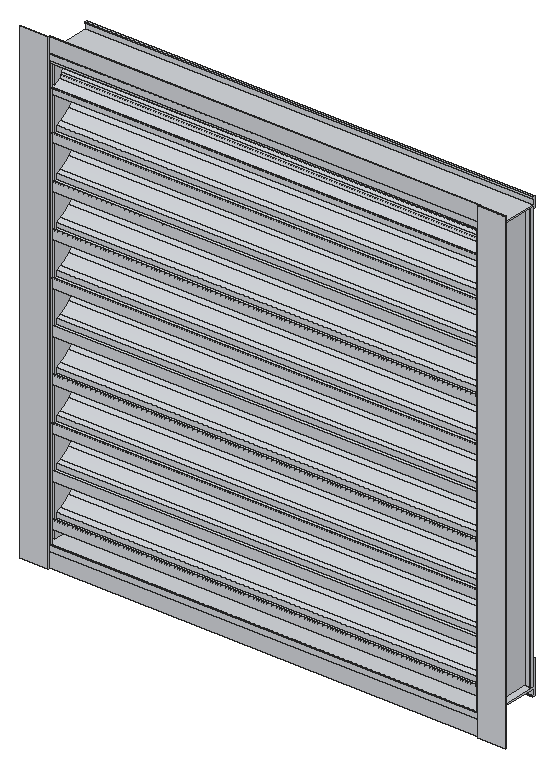
Revit family "BRFL-D-6.1", category Mechanical Equipment, Revit 2015
Parameters
  URL = "https://unitedenertech.com/catalog/pdf/A_24e%20BRFL-D-6.1.pdf"
  Type Comments = "Max. Single Section Size is (60\"w  x  120\"h)"
  Number of Blades [instance] = rounddown((Exact Height - 0' 5") / 0' 4 41/64")  # 9
  Model = "BRFL-D-6.1"
  Manufacturer = "United Enertech Corporation"
  Exact Width = 4' - 0"
  Exact Height = 4' - 0"
  Description = "Blast Resistant 6\" Fixed Louver"
  Depth = 0' - 6.26867"
  Blade Width [instance] = Exact Width - 0' 1 13/16"  # 3' - 10 3/16"
  Blade Spacing = 0' - 4.64"
Reference planes (in)
  plane 1 "Center (Front/Back)": y = 0
  plane 2: z = 0
  plane 3 "Center (Left/Right)": x = 0
  plane 4: x = -24
  plane 5: x = 24
  plane 6: z = 48
  plane 7: z = 0.907
  plane 8: z = 47.093
  plane 9: y = 6.26867
  plane 10: x = -23.094
  plane 11: x = 23.094
  plane 12: z = 44.25995
  plane 13: x = -23
  plane 14: x = 23
  plane 15: x = -26
  plane 16: x = 26
  plane 17: z = 0.22437
  plane 18: z = -1.51763
  plane 19: z = 47.7769
  plane 20: z = 49.5189
Forms (in)
  Extrusion 1, solid
    sketch origin (32.73411, 22.44798, 0) x (1, 0, 0) y (0, 1, 0)
      loop
        line (-56.60911, -16.59898) -> (-56.60911, -16.49198) -> (-55.95311, -16.49198) -> (-55.95311, -21.36398) -> (-56.66611, -21.36398) -> (-56.66611, -21.82298) -> (-56.73411, -21.82298) -> (-56.73411, -21.94798) -> (-56.66611, -21.94798) -> (-56.66611, -22.00898) -> (-56.58511, -22.00898) -> (-56.58511, -21.94798) -> (-56.49711, -21.94798) -> (-56.49711, -22.32298) -> (-56.58511, -22.32298) -> (-56.58511, -22.23198) -> (-56.66611, -22.23198) -> (-56.66611, -22.44798) -> (-55.56511, -22.44798) -> (-55.56511, -22.32298) -> (-55.82811, -22.32298) -> (-55.82811, -22.21598) -> (-55.95311, -22.21598) -> (-55.95311, -22.32298) -> (-56.37211, -22.32298) -> (-56.37211, -21.82298) -> (-56.54111, -21.82298) -> (-56.54111, -21.48898) -> (-55.82811, -21.48898) -> (-55.82811, -16.49198) -> (-55.56511, -16.49198) -> (-55.56511, -16.36698) -> (-56.73411, -16.36698) -> (-56.73411, -16.59898) -> (-56.60911, -16.59898)
    from 0.907 to 47.093
  Extrusion 2, solid
    sketch origin (-32.73411, 22.44798, 0) x (-1, 0, 0) y (0, -1, 0)
      loop
        line (-56.60911, 16.59898) -> (-56.73411, 16.59898) -> (-56.73411, 16.36698) -> (-55.56511, 16.36698) -> (-55.56511, 16.49198) -> (-55.82811, 16.49198) -> (-55.82811, 21.48898) -> (-56.54111, 21.48898) -> (-56.54111, 21.82298) -> (-56.37211, 21.82298) -> (-56.37211, 22.32298) -> (-55.95311, 22.32298) -> (-55.95311, 22.21598) -> (-55.82811, 22.21598) -> (-55.82811, 22.32298) -> (-55.56511, 22.32298) -> (-55.56511, 22.44798) -> (-56.66611, 22.44798) -> (-56.66611, 22.23198) -> (-56.58511, 22.23198) -> (-56.58511, 22.32298) -> (-56.49711, 22.32298) -> (-56.49711, 21.94798) -> (-56.58511, 21.94798) -> (-56.58511, 22.00898) -> (-56.66611, 22.00898) -> (-56.66611, 21.94798) -> (-56.73411, 21.94798) -> (-56.73411, 21.82298) -> (-56.66611, 21.82298) -> (-56.66611, 21.36398) -> (-55.95311, 21.36398) -> (-55.95311, 16.49198) -> (-56.60911, 16.49198) -> (-56.60911, 16.59898)
    from 0.907 to 47.093
  Extrusion 3, solid
    sketch origin (-10.45021, 50.73378, 8.99276) x (0, 1, 0) y (0, 0, 1)
      loop
        line (-44.46511, -5.28576) -> (-44.59011, -5.28576) -> (-44.59011, -8.08576) -> (-50.73378, -8.08576) -> (-50.73378, -8.21076) -> (-50.67111, -8.21076) -> (-50.67111, -8.92376) -> (-50.45511, -8.92376) -> (-50.45511, -8.84276) -> (-50.56811, -8.84276) -> (-50.56811, -8.75476) -> (-50.17111, -8.75476) -> (-50.17111, -8.84276) -> (-50.23211, -8.84276) -> (-50.23211, -8.92376) -> (-50.17111, -8.92376) -> (-50.17111, -8.99276) -> (-50.09011, -8.99276) -> (-50.09011, -8.62976) -> (-50.56811, -8.62976) -> (-50.56811, -8.21076) -> (-44.59011, -8.21076) -> (-44.59011, -8.86776) -> (-44.69711, -8.86776) -> (-44.69711, -8.99276) -> (-44.46511, -8.99276) -> (-44.46511, -5.28576)
    from -13.54979 to 34.45021
  Extrusion 4, solid
    sketch origin (-12.41983, 50.73378, 47.84535) x (0, 1, 0) y (0, 0, 1)
      loop
        line (-50.17111, 0.15465) -> (-50.17111, 0.08565) -> (-50.23211, 0.08565) -> (-50.23211, 0.00465) -> (-50.17111, 0.00465) -> (-50.17111, -0.08335) -> (-50.56811, -0.08335) -> (-50.56811, 0.00465) -> (-50.45511, 0.00465) -> (-50.45511, 0.08565) -> (-50.67111, 0.08565) -> (-50.67111, -0.62735) -> (-50.73378, -0.62735) -> (-50.73378, -0.75235) -> (-44.59011, -0.75235) -> (-44.59011, -1.00235) -> (-44.46511, -1.00235) -> (-44.46511, 0.15465) -> (-44.69711, 0.15465) -> (-44.69711, 0.02965) -> (-44.59011, 0.02965) -> (-44.59011, -0.62735) -> (-50.56811, -0.62735) -> (-50.56811, -0.20835) -> (-50.09011, -0.20835) -> (-50.09011, 0.15465) -> (-50.17111, 0.15465)
    from -11.58017 to 36.41983
  Extrusion 5, solid
    sketch origin (0, 5.28547, 3.25) x (0, 1, 0) y (0, 0, 1)
      loop
        line (-1.58143, 43.843) -> (-1.58143, 43.72355) -> (-1.41724, 43.72355) -> (-2.60827, 42.47474) -> (-3.29555, 42.35682)
        arc (-3.29555, 42.35682) -> (-3.46747, 42.27918) -> (-3.57984, 42.12767) r 0.375
        line (-3.57984, 42.12767) -> (-3.78685, 41.61517) -> (-5.07947, 40.97326) -> (-5.07947, 41.30498) -> (-4.94145, 41.17777) -> (-4.88656, 41.23733) -> (-5.16047, 41.48979) -> (-5.16047, 40.79347) -> (-3.68979, 41.52171) -> (-3.54519, 41.8797)
        arc (-3.54519, 41.8797) -> (-3.29194, 41.66167) -> (-2.97773, 41.77546) r 0.331
        line (-2.97773, 41.77546) -> (-3.03999, 41.82728)
        arc (-3.03999, 41.82728) -> (-3.47787, 42.03322) -> (-2.99515, 42.06682) r 0.25
        line (-2.99515, 42.06682) -> (-2.91836, 42.09261)
        arc (-2.91836, 42.09261) -> (-2.97373, 42.19407) -> (-3.0606, 42.2703) r 0.331
        line (-3.0606, 42.2703) -> (-2.54636, 42.35853) -> (-1.13059, 43.843) -> (-1.58143, 43.843)
    from -23.094 to 23.094
  Extrusion 6, solid
    sketch origin (-33.80808, 16.1153, 6.09367) x (0, 1, 0) y (0, 0, 1)
      loop
        line (-15.97208, -7.6113) -> (-15.97208, -6.1343) -> (-15.56808, -6.1343) -> (-15.56808, -6.0393) -> (-15.62408, -6.0393) -> (-15.62408, -5.9373) -> (-15.56308, -5.9373) -> (-15.56308, -5.8693) -> (-15.87508, -5.8693) -> (-15.87508, -5.9373) -> (-15.82713, -5.9373) -> (-15.82713, -6.0283) -> (-16.05308, -6.0283) -> (-16.05308, -7.6113) -> (-15.97208, -7.6113)
    from 10.80808 to 56.80808
  Extrusion 7, solid
    sketch origin (-33.80808, 16.1153, 41.9076) x (0, 1, 0) y (0, 0, 1)
      loop
        line (-15.97208, 7.6113) -> (-16.05308, 7.6113) -> (-16.05308, 6.0283) -> (-15.82713, 6.0283) -> (-15.82713, 5.9373) -> (-15.87508, 5.9373) -> (-15.87508, 5.8693) -> (-15.56308, 5.8693) -> (-15.56308, 5.9373) -> (-15.62408, 5.9373) -> (-15.62408, 6.0393) -> (-15.56808, 6.0393) -> (-15.56808, 6.1343) -> (-15.97208, 6.1343) -> (-15.97208, 7.6113)
    from 10.80808 to 56.80808
  Extrusion 8, solid
    sketch origin (0, 0, 0) x (1, 0, 0) y (0, 1, 0)
      loop
        line (-23, 0) -> (-26, 0) -> (-26, -0.09) -> (-23, -0.09) -> (-23, 0)
    from -1.51763 to 49.5189
  Extrusion 9, solid
    sketch origin (0, 0, 0) x (-1, 0, 0) y (0, -1, 0)
      loop
        line (-23, 0) -> (-23, 0.09) -> (-26, 0.09) -> (-26, 0) -> (-23, 0)
    from -1.51763 to 49.5189
Dimensions and locks (in)
  equal spacing: plane 4, plane 3 "Center (Left/Right)", plane 5
  "Exact Width": plane 4 to plane 5
  "Exact Height": plane 6 to level
  locked: plane 7 to level at 0.907
  locked: plane 6 to plane 8 at 0.907
  "Depth": plane 1 "Center (Front/Back)" to plane 9
  locked: plane 4 to plane 10 at 0.906
  locked: plane 11 to plane 5 at 0.906
  locked: plane 6 to plane 12 at 3.74005
  equal spacing: group 1, group 2, group 3, group 4, group 5, group 6, group 7, group 8, group 9  (x2)
  equal spacing: group 9, group 8, group 7, group 6, group 5, group 4, group 3, group 2, group 1
  "Blade Spacing": nested 1 to nested 2
  locked: plane 4 to plane 13 at 1
  locked: plane 14 to plane 5 at 1
  locked: plane 15 to plane 4 at 2
  locked: plane 5 to plane 16 at 2
  locked: plane 17 to level at 0.22437
  locked: level to plane 18 at 1.51763
  locked: plane 6 to plane 19 at 0.2231
  locked: plane 20 to plane 6 at 1.5189
  aligned and locked: level to plane 2
  aligned and locked: Extrusion 1 to plane 4
  aligned and locked: plane 5 to Extrusion 2
  aligned and locked: Extrusion 3 to level
  aligned and locked: level to Extrusion 3
  aligned and locked: Extrusion 1 to Extrusion 3
  aligned and locked: Extrusion 2 to Extrusion 1
  aligned and locked: Extrusion 3 to plane 4
  aligned and locked: plane 5 to Extrusion 3
  aligned and locked: plane 6 to Extrusion 4  (x2)
  aligned and locked: plane 8 to Extrusion 1
  aligned and locked: plane 8 to Extrusion 2
  aligned and locked: Extrusion 4 to plane 4
  aligned and locked: plane 5 to Extrusion 4
  aligned and locked: Extrusion 1 to Extrusion 4
  aligned and locked: Extrusion 2 to Extrusion 4
  aligned and locked: Extrusion 4 to Extrusion 1
  aligned and locked: plane 8 to Extrusion 5
  aligned and locked: Extrusion 5 to plane 10
  aligned and locked: Extrusion 5 to plane 11
  aligned and locked: plane 3 "Center (Left/Right)" to nested 1
  aligned and locked: plane 12 to nested 1
  aligned and locked: nested 2 to nested 1
  aligned and locked: plane 13 to Extrusion 6
  aligned and locked: plane 14 to Extrusion 6
  aligned and locked: Extrusion 7 to plane 19
  aligned and locked: plane 13 to Extrusion 7
  aligned and locked: plane 14 to Extrusion 7
  aligned and locked: Extrusion 8 sketch curve to plane 13
  aligned and locked: plane 15 to Extrusion 8 sketch curve
  aligned and locked: Extrusion 9 to plane 14
  aligned and locked: plane 16 to Extrusion 9
  aligned and locked: plane 20 to Extrusion 8
  aligned and locked: plane 20 to Extrusion 9
  aligned and locked: Extrusion 9 to plane 18
  aligned and locked: Extrusion 8 to plane 18
Automatic sketch dimensions
  Extrusion 1 sketch curve to plane 4 = 0' - 0"  (x2)
  plane 1 "Center (Front/Back)" to Extrusion 1 sketch curve = 0' - 0"
  Extrusion 1 sketch curve to plane 10 = 0' - 0"  (x2)
  plane 4 to Extrusion 1 sketch curve = 0' - 0.068"  (x2)
  Extrusion 1 sketch curve to Extrusion 1 sketch curve = 0' - 0.068"
  plane 4 to Extrusion 1 sketch curve = 0' - 0 1/8"
  Extrusion 1 sketch curve to Extrusion 1 sketch curve = 0' - 0.081"  (x2)
  Extrusion 1 sketch curve to Extrusion 1 sketch curve = 0' - 0 1/8"  (x6)
  Extrusion 1 sketch curve to Extrusion 1 sketch curve = 0' - 0.088"
  Extrusion 1 sketch curve to plane 10 = 0' - 0 1/8"  (x2)
  Extrusion 1 sketch curve to plane 13 = 0' - 0.169"  (x2)
  Extrusion 1 sketch curve to plane 1 "Center (Front/Back)" = 0' - 0 1/8"  (x3)
  Extrusion 1 sketch curve to Extrusion 1 sketch curve = 0' - 0.091"
  Extrusion 1 sketch curve to Extrusion 1 sketch curve = 0' - 0.107"
  Extrusion 1 sketch curve to Extrusion 1 sketch curve = 0' - 0.223"
  Extrusion 1 sketch curve to Extrusion 1 sketch curve = 0' - 0.061"  (x2)
  Extrusion 1 sketch curve to Extrusion 1 sketch curve = 0' - 0.334"
  Extrusion 1 sketch curve to plane 9 = 0' - 0.41967"
  Extrusion 1 sketch curve to plane 9 = 0' - 0.31267"
  Extrusion 1 sketch curve to Extrusion 1 sketch curve = 0' - 0"
  Extrusion 2 sketch curve to plane 5 = 0' - 0"  (x2)
  plane 1 "Center (Front/Back)" to Extrusion 2 sketch curve = 0' - 0"
  Extrusion 2 sketch curve to plane 11 = 0' - 0"  (x2)
  plane 5 to Extrusion 2 sketch curve = 0' - 0.068"  (x3)
  plane 5 to Extrusion 2 sketch curve = 0' - 0 1/8"
  Extrusion 2 sketch curve to Extrusion 2 sketch curve = 0' - 0.081"  (x2)
  Extrusion 2 sketch curve to Extrusion 2 sketch curve = 0' - 0 1/8"  (x7)
  Extrusion 2 sketch curve to Extrusion 2 sketch curve = 0' - 0.088"
  plane 11 to Extrusion 2 sketch curve = 0' - 0 1/8"
  plane 14 to Extrusion 2 sketch curve = 0' - 0.169"  (x2)
  plane 1 "Center (Front/Back)" to Extrusion 2 sketch curve = 0' - 0 1/8"  (x3)
  Extrusion 2 sketch curve to Extrusion 2 sketch curve = 0' - 0.091"
  Extrusion 2 sketch curve to Extrusion 2 sketch curve = 0' - 0.107"
  Extrusion 2 sketch curve to Extrusion 2 sketch curve = 0' - 0.223"
  Extrusion 2 sketch curve to Extrusion 2 sketch curve = 0' - 0.061"  (x2)
  Extrusion 2 sketch curve to Extrusion 2 sketch curve = 0' - 0.334"
  plane 9 to Extrusion 2 sketch curve = 0' - 0.41967"
  plane 9 to Extrusion 2 sketch curve = 0' - 0.31267"
  Extrusion 2 sketch curve to Extrusion 2 sketch curve = 0' - 0"
  Extrusion 3 sketch curve to plane 1 "Center (Front/Back)" = 0' - 0"
  Extrusion 3 sketch curve to level = 0' - 0"  (x2)
  plane 7 to Extrusion 3 sketch curve = 0' - 0"
  Extrusion 3 sketch curve to plane 9 = 0' - 0"
  Extrusion 3 sketch curve to plane 1 "Center (Front/Back)" = 0' - 0.06267"
  Extrusion 3 sketch curve to plane 1 "Center (Front/Back)" = 0' - 0.16567"
  Extrusion 3 sketch curve to Extrusion 3 sketch curve = 0' - 0.103"
  Extrusion 3 sketch curve to Extrusion 3 sketch curve = 0' - 0.113"
  level to Extrusion 3 sketch curve = 0' - 0.069"  (x2)
  Extrusion 3 sketch curve to Extrusion 3 sketch curve = 0' - 0.223"
  Extrusion 3 sketch curve to Extrusion 3 sketch curve = 0' - 0.061"  (x2)
  Extrusion 3 sketch curve to Extrusion 3 sketch curve = 0' - 0.081"
  Extrusion 3 sketch curve to plane 9 = 0' - 0.232"
  Extrusion 3 sketch curve to plane 9 = 0' - 0 1/8"  (x2)
  Extrusion 3 sketch curve to plane 17 = 0' - 0.09937"
  Extrusion 3 sketch curve to plane 17 = 0' - 0.07437"  (x2)
  plane 17 to Extrusion 3 sketch curve = 0' - 0.01363"
  plane 17 to Extrusion 3 sketch curve = 0' - 0.13863"
  Extrusion 3 sketch curve to plane 7 = 0' - 0 1/8"
  Extrusion 3 sketch curve to Extrusion 3 sketch curve = 0' - 0"
  Extrusion 3 sketch curve to Extrusion 3 sketch curve = 0' - 2.8"
  Extrusion 4 sketch curve to plane 1 "Center (Front/Back)" = 0' - 0"
  Extrusion 4 sketch curve to plane 6 = 0' - 0"  (x2)
  plane 8 to Extrusion 4 sketch curve = 0' - 0"
  Extrusion 4 sketch curve to plane 9 = 0' - 0"
  Extrusion 4 sketch curve to Extrusion 4 sketch curve = 0' - 0.06267"
  Extrusion 4 sketch curve to Extrusion 4 sketch curve = 0' - 0.103"  (x2)
  Extrusion 4 sketch curve to Extrusion 4 sketch curve = 0' - 0.113"
  plane 19 to Extrusion 4 sketch curve = 0' - 0.0731"  (x2)
  Extrusion 4 sketch curve to Extrusion 4 sketch curve = 0' - 0.223"
  Extrusion 4 sketch curve to Extrusion 4 sketch curve = 0' - 0.061"  (x2)
  Extrusion 4 sketch curve to Extrusion 4 sketch curve = 0' - 0.081"
  plane 19 to Extrusion 4 sketch curve = 0' - 0.0981"
  Extrusion 4 sketch curve to plane 9 = 0' - 0.232"
  Extrusion 4 sketch curve to plane 9 = 0' - 0 1/8"
  Extrusion 4 sketch curve to Extrusion 4 sketch curve = 0' - 0.107"
  Extrusion 4 sketch curve to plane 8 = 0' - 0 1/4"
  Extrusion 4 sketch curve to Extrusion 4 sketch curve = 0' - 0 1/8"
  Extrusion 4 sketch curve to Extrusion 4 sketch curve = 0' - 0"
  Extrusion 4 sketch curve to plane 19 = 0' - 0.1399"
  Extrusion 4 sketch curve to plane 19 = 0' - 0.0149"
  Extrusion 4 sketch curve to plane 6 = 0' - 0.069"  (x2)
  Extrusion 5 sketch curve to Extrusion 5 sketch curve = 0' - 0"  (x12)
  Extrusion 5 sketch curve to plane 8 = 0' - 0"
  Extrusion 5 sketch curve to plane 1 "Center (Front/Back)" = 0' - 0 1/8"
  Extrusion 5 sketch curve to plane 12 = 0' - 0.03669"
  Extrusion 5 sketch curve to Extrusion 5 sketch curve = 0' - 0.081"
  Extrusion 5 sketch curve to Extrusion 5 sketch curve = 0' - 0.13801"
  plane 12 to Extrusion 5 sketch curve = 0' - 0.22738"
  Extrusion 5 sketch curve to Extrusion 5 sketch curve = 0' - 0.0549"
  plane 12 to Extrusion 5 sketch curve = 0' - 0.60522"
  Extrusion 5 sketch curve to Extrusion 5 sketch curve = 0' - 1.09971"
  plane 12 to Extrusion 5 sketch curve = 0' - 0.51176"
  Extrusion 5 sketch curve to Extrusion 5 sketch curve = 0' - 0.09706"
  Extrusion 5 sketch curve to Extrusion 5 sketch curve = 0' - 0.20701"
  plane 12 to Extrusion 5 sketch curve = 0' - 0.86975"
  Extrusion 5 sketch curve to Extrusion 5 sketch curve = 0' - 0.03465"
  plane 12 to Extrusion 5 sketch curve = 0' - 1.34686"
  Extrusion 5 sketch curve to Extrusion 5 sketch curve = 0' - 0.28429"
  Extrusion 5 sketch curve to Extrusion 5 sketch curve = 0' - 0.31305"
  Extrusion 5 sketch curve to Extrusion 5 sketch curve = 0' - 0.23495"
  plane 12 to Extrusion 5 sketch curve = 0' - 0.81733"
  Extrusion 5 sketch curve to Extrusion 5 sketch curve = 0' - 0.19215"
  plane 12 to Extrusion 5 sketch curve = 0' - 1.05686"
  Extrusion 5 sketch curve to Extrusion 5 sketch curve = 0' - 0.06545"
  plane 12 to Extrusion 5 sketch curve = 0' - 0.76551"
  plane 12 to Extrusion 5 sketch curve = 0' - 1.08265"
  Extrusion 5 sketch curve to Extrusion 5 sketch curve = 0' - 0.07678"
  Extrusion 5 sketch curve to Extrusion 5 sketch curve = 0' - 0.3101"
  plane 12 to Extrusion 5 sketch curve = 0' - 1.34858"
  Extrusion 5 sketch curve to Extrusion 5 sketch curve = 0' - 0.06191"
  Extrusion 5 sketch curve to plane 8 = 0' - 0.11945"
  Extrusion 5 sketch curve to Extrusion 5 sketch curve = 0' - 1.02684"
  Extrusion 5 sketch curve to Extrusion 5 sketch curve = 0' - 0.16418"
  Extrusion 5 sketch curve to Extrusion 5 sketch curve = 0' - 0.28666"
  Extrusion 5 sketch curve to Extrusion 5 sketch curve = 0' - 0.17979"
  Extrusion 5 sketch curve to Extrusion 5 sketch curve = 0' - 0.05956"
  Extrusion 5 sketch curve to Extrusion 5 sketch curve = 0' - 0.1162"
  Extrusion 6 sketch curve to plane 18 = 0' - 0"
  Extrusion 6 sketch curve to plane 17 = 0' - 0"
  Extrusion 6 sketch curve to plane 1 "Center (Front/Back)" = 0' - 0.06222"
  Extrusion 6 sketch curve to level = 0' - 0.04063"
  Extrusion 6 sketch curve to Extrusion 6 sketch curve = 0' - 0.081"
  Extrusion 6 sketch curve to Extrusion 6 sketch curve = 0' - 0.178"
  Extrusion 6 sketch curve to Extrusion 6 sketch curve = 0' - 0.04795"
  Extrusion 6 sketch curve to plane 17 = 0' - 0.068"  (x2)
  Extrusion 6 sketch curve to Extrusion 6 sketch curve = 0' - 0.20305"
  Extrusion 6 sketch curve to Extrusion 6 sketch curve = 0' - 0.056"
  Extrusion 6 sketch curve to Extrusion 6 sketch curve = 0' - 0.061"
  level to Extrusion 6 sketch curve = 0' - 0.05437"
  level to Extrusion 6 sketch curve = 0' - 0.06537"
  Extrusion 7 sketch curve to plane 20 = 0' - 0"
  Extrusion 7 sketch curve to plane 19 = 0' - 0"
  Extrusion 7 sketch curve to plane 1 "Center (Front/Back)" = 0' - 0.06222"
  plane 6 to Extrusion 7 sketch curve = 0' - 0.0419"
  Extrusion 7 sketch curve to Extrusion 7 sketch curve = 0' - 0.081"
  Extrusion 7 sketch curve to Extrusion 7 sketch curve = 0' - 0.178"
  Extrusion 7 sketch curve to Extrusion 7 sketch curve = 0' - 0.04795"
  plane 19 to Extrusion 7 sketch curve = 0' - 0.068"  (x2)
  Extrusion 7 sketch curve to Extrusion 7 sketch curve = 0' - 0.20305"
  Extrusion 7 sketch curve to Extrusion 7 sketch curve = 0' - 0.056"
  Extrusion 7 sketch curve to Extrusion 7 sketch curve = 0' - 0.061"
  Extrusion 7 sketch curve to plane 6 = 0' - 0.0641"
  Extrusion 7 sketch curve to plane 6 = 0' - 0.0531"
  plane 1 "Center (Front/Back)" to Extrusion 8 sketch curve = 0' - 0"
  plane 1 "Center (Front/Back)" to Extrusion 8 sketch curve = 0' - 0.09"
  plane 1 "Center (Front/Back)" to Extrusion 9 sketch curve = 0' - 0"
  Extrusion 9 sketch curve to plane 16 = 0' - 0"
  Extrusion 9 sketch curve to plane 14 = 0' - 0"
  Extrusion 9 sketch curve to plane 1 "Center (Front/Back)" = 0' - 0.09"
Nested families (in)
  nested 1: "Blades" at (0, 6.55098, 38.56577), type "Blades"
    with BW 3' - 10 3/16"
  nested 2: "Blades" at (0, 6.55098, 33.92577), type "Blades"
    with BW 3' - 10 3/16"
  nested 3: "Blades" at (0, 6.55098, 29.28577), type "Blades"
    with BW 3' - 10 3/16"
  nested 4: "Blades" at (0, 6.55098, 24.64577), type "Blades"
    with BW 3' - 10 3/16"
  nested 5: "Blades" at (0, 6.55098, 20.00577), type "Blades"
    with BW 3' - 10 3/16"
  nested 6: "Blades" at (0, 6.55098, 15.36577), type "Blades"
    with BW 3' - 10 3/16"
  nested 7: "Blades" at (0, 6.55098, 10.72577), type "Blades"
    with BW 3' - 10 3/16"
  nested 8: "Blades" at (0, 6.55098, 6.08577), type "Blades"
    with BW 3' - 10 3/16"
  nested 9: "Blades" at (0, 6.55098, 1.44577), type "Blades"
    with BW 3' - 10 3/16"
Definition of nested family "Blades"
  Parameters (values of type "Blades")
    BW = 2' - 0"
  Reference planes (in)
    plane 1 "Center (Front/Back)": y = 0
    plane 2: z = 0
    plane 3 "Center (Left/Right)": x = 0
    plane 4: x = -12
    plane 5: x = 12
  Forms (in)
    Extrusion 1, solid
      sketch origin (0, 0, 0) x (0, 1, 0) y (0, 0, 1)
        loop
          line (-0.80366, 5.60309) -> (-0.76358, 5.60309) -> (-0.76358, 4.63219) -> (-1.21034, 4.63219) -> (-2.24496, 4.14863) -> (-2.65647, 4.14863) -> (-2.65647, 4.06763) -> (-2.41827, 4.06763) -> (-3.1059, 3.74626) -> (-3.84623, 3.00593)
          arc (-3.84623, 3.00593) -> (-4.37307, 2.56367) -> (-4.96854, 2.21935) r 3.956
          line (-4.96854, 2.21935) -> (-5.44709, 1.99569) -> (-5.44709, 1.43319) -> (-6.34498, 1.01354) -> (-6.34498, 1.69342) -> (-6.183, 1.53144) -> (-6.12572, 1.58872) -> (-6.42598, 1.88897) -> (-6.42598, 0.83771) -> (-5.32209, 1.35363) -> (-5.32209, 1.91613) -> (-4.90271, 2.11214)
          arc (-4.90271, 2.11214) -> (-4.30061, 2.46028) -> (-3.76792, 2.90746) r 4
          line (-3.76792, 2.90746) -> (-3.03306, 3.64232) -> (-1.18258, 4.50719) -> (-0.68258, 4.50719) -> (-0.68258, 5.69419) -> (-0.80366, 5.69419) -> (-0.80366, 5.60309)
      from -12 to 12
  Dimensions and locks (in)
    equal spacing: plane 5, plane 3 "Center (Left/Right)", plane 4
    "BW": plane 5 to plane 4
    aligned and locked: level to plane 2
    aligned and locked: Extrusion 1 to plane 4
    aligned and locked: plane 5 to Extrusion 1
  Automatic sketch dimensions
    plane 1 "Center (Front/Back)" to Extrusion 1 sketch curve = 0' - 6.64355"
    Extrusion 1 sketch curve to Extrusion 1 sketch curve = 0' - 0.0472"
    level to Extrusion 1 sketch curve = 0' - 1.88897"
    Extrusion 1 sketch curve to Extrusion 1 sketch curve = 0' - 0.17037"
    Extrusion 1 sketch curve to Extrusion 1 sketch curve = 0' - 0.081"  (x2)
    level to Extrusion 1 sketch curve = 0' - 1.53144"
    Extrusion 1 sketch curve to Extrusion 1 sketch curve = 0' - 0.16198"
    level to Extrusion 1 sketch curve = 0' - 1.58872"
    Extrusion 1 sketch curve to Extrusion 1 sketch curve = 0' - 0.67863"
    Extrusion 1 sketch curve to Extrusion 1 sketch curve = 0' - 0 1/8"  (x2)
    level to Extrusion 1 sketch curve = 0' - 2.21935"
    Extrusion 1 sketch curve to Extrusion 1 sketch curve = 0' - 0.35355"
    level to Extrusion 1 sketch curve = 0' - 2.11214"
    Extrusion 1 sketch curve to Extrusion 1 sketch curve = 0' - 0.06583"
    level to Extrusion 1 sketch curve = 0' - 3.00593"
    Extrusion 1 sketch curve to Extrusion 1 sketch curve = 0' - 1.12231"
    level to Extrusion 1 sketch curve = 0' - 2.90746"
    Extrusion 1 sketch curve to Extrusion 1 sketch curve = 0' - 0.07831"
    Extrusion 1 sketch curve to Extrusion 1 sketch curve = 0' - 0.74033"
    Extrusion 1 sketch curve to Extrusion 1 sketch curve = 0' - 0.07284"
    Extrusion 1 sketch curve to Extrusion 1 sketch curve = 0' - 0.44944"
    Extrusion 1 sketch curve to Extrusion 1 sketch curve = 0' - 0.23819"
    Extrusion 1 sketch curve to Extrusion 1 sketch curve = 0' - 0.17331"
    Extrusion 1 sketch curve to Extrusion 1 sketch curve = 0' - 1.03462"
    Extrusion 1 sketch curve to Extrusion 1 sketch curve = 0' - 0.02777"
    plane 1 "Center (Front/Back)" to Extrusion 1 sketch curve = 0' - 0.80366"
    Extrusion 1 sketch curve to Extrusion 1 sketch curve = 0' - 0.419"
    Extrusion 1 sketch curve to Extrusion 1 sketch curve = 0' - 0 31/256"
    Extrusion 1 sketch curve to Extrusion 1 sketch curve = 0' - 0.15553"
    Extrusion 1 sketch curve to Extrusion 1 sketch curve = 0' - 0.07956"  (x2)
    Extrusion 1 sketch curve to Extrusion 1 sketch curve = 0' - 0.5179"
    Extrusion 1 sketch curve to Extrusion 1 sketch curve = 0' - 0.17584"
    Extrusion 1 sketch curve to Extrusion 1 sketch curve = 0' - 0.19601"
    Extrusion 1 sketch curve to Extrusion 1 sketch curve = 0' - 0.6364"
    Extrusion 1 sketch curve to Extrusion 1 sketch curve = 0' - 0.10393"
    Extrusion 1 sketch curve to Extrusion 1 sketch curve = 0' - 0.32138"
    Extrusion 1 sketch curve to Extrusion 1 sketch curve = 0' - 0.35855"
    Extrusion 1 sketch curve to Extrusion 1 sketch curve = 0' - 0.97091"
    Extrusion 1 sketch curve to Extrusion 1 sketch curve = 0' - 0.09109"
